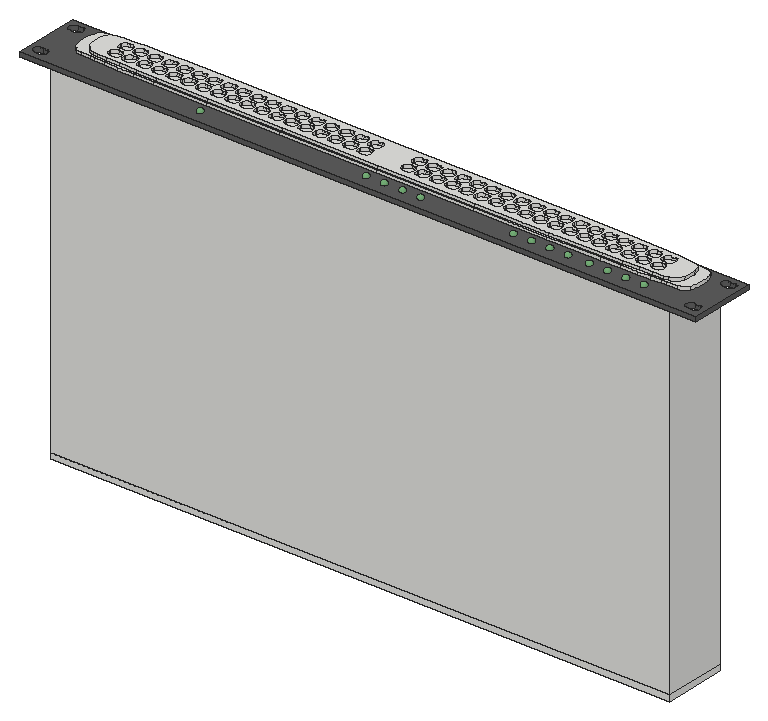
Revit family "Electronics_Expansion-Outputs_Biamp_Vocia_Output-Device_VO-4__", category Communication Devices, host Face, Revit 2020
Family settings
  Host = Face
  Maintain Annotation Orientation = No
  Round Connector Dimension = Use Diameter
  Part Type = Normal
  OmniClass Number = 23.85.10.11.14
  OmniClass Title = Audio Equipment
  Cut with Voids When Loaded = No
  Shared = No
  Room Calculation Point = No
Parameters (values of type "VO-4")
  Width = 19.00"  # constant formula
  Weight = 6.40 lbf  # constant formula
  Voltage = 0 V
  Vocia VO-4 = yes
  URL = "https://www.biamp.com/"
  Type Control Outputs = "Single Form C voltage free change over contact"  # constant formula
  Type Control Inputs = "Digital, variable threshold"  # constant formula
  Temperature Range = "23 - 104° F (-8 - 42° C)"  # constant formula
  THD+N = "<0.02%"  # constant formula
  Sample Rate = "48kHz"  # constant formula
  Product data url = "https://www.bimobject.com/biamp/product/vocia-vo-4_expansion-output"
  Product Page URL = "https://www.biamp.com/products/product-families/vocia/vocia-expansion-outputs#vocia-vo-4"
  Product Documentation Link = "https://downloads.biamp.com/assets/docs/default-source/data-sheets/biamp_data_sheet_vocia_vo-4_oct18.pdf"
  Power Factor = 1
  Number of Poles = 1
  Nominal Output Level = "-10dBu, 0dBu, +4dBu (selectable)"  # constant formula
  Network Connection = "RJ45 with shielded Ethernet (CAT5, CAT5e, CAT6, or CAT 7)"  # constant formula
  Model = "Vocia VO-4"  # constant formula
  Min Operating Load = "10µA 10mV DC"  # constant formula
  Min Input Threshold = "150mV"  # constant formula
  Maximum Output Load = "2 kohm"  # constant formula
  Maximum Output Level = "+22dBu"  # constant formula
  Maximum Load Impedance = "600 kohm"  # constant formula
  Max Switching Capacity = "37 VA"  # constant formula
  Max Power Consumption = 0 W
  Max Operating Voltage = "125V AC, 60V DC"  # constant formula
  Max Input Voltage = "12V"  # constant formula
  Max Input Threshold = "10V"  # constant formula
  Manufacturer = "Biamp"  # constant formula
  Input Impedance = "100 kohm"  # constant formula
  Humidity = "0-95% relative humidity (non-condensing)"  # constant formula
  Housing Material = Biamp - Metal - Silver
  Height = 1.75"  # constant formula
  Frequency Response = "± 1dB"  # constant formula
  Dynamic Range = ">100dB"  # constant formula
  Description = "Vocia® VO-4 Output Device"  # constant formula
  Depth = 10.00"  # constant formula
  Default Elevation = 48.00"
  Crosstalk = "> 80dB"  # constant formula
  Connector Description = "PoE 802.3af Class 3"  # constant formula
  Compliance = "FCC Part 15B (USA) ,CE marked (Europe) ,RoHS Directive (Europe)"  # constant formula
  Assembly Code = ""
  Apparent Load = Max Power Consumption / Power Factor  # 0 VA
  Altitude = "0-10,000 ft (0-3000m) MSL"  # constant formula
  A/D Converters = "24-bit"  # constant formula
Reference planes (in)
  plane 1 "Center (Front/Back)": y = 0
  plane 2: z = 0
  plane 3 "Center (Left/Right)": x = 0
  plane 4: y = 0.875
  plane 5: y = -0.875
  plane 6: x = 18.34344
  plane 7: y = 0.62447
  plane 8: y = -0.62509
Forms (in)
  Revolve 1, solid, material "Biamp - Plastic - Green", detail levels fine
    sketch origin (0.01153, 0.38531, 0.125) x (0, -1, 0) y (1, 0, 0)
      loop
        arc (0.93729, 10.52792) -> (1.01603, 10.60666) -> (0.93729, 10.6854) r 0.07874
        line (0.93729, 10.6854) -> (0.93729, 10.52792)
      loop
        arc (0.93729, 10.01607) -> (1.01603, 10.09481) -> (0.93729, 10.17355) r 0.07874
        line (0.93729, 10.17355) -> (0.93729, 10.01607)
      loop
        arc (0.93729, 9.50436) -> (1.01603, 9.5831) -> (0.93729, 9.66184) r 0.07874
        line (0.93729, 9.66184) -> (0.93729, 9.50436)
      loop
        arc (0.93729, 8.99265) -> (1.01603, 9.07139) -> (0.93729, 9.15013) r 0.07874
        line (0.93729, 9.15013) -> (0.93729, 8.99265)
      loop
        arc (0.93729, 4.33032) -> (1.01603, 4.40906) -> (0.93729, 4.4878) r 0.07874
        line (0.93729, 4.4878) -> (0.93729, 4.33032)
      loop
        arc (0.93729, 13.13354) -> (1.01603, 13.21228) -> (0.93729, 13.29102) r 0.07874
        line (0.93729, 13.29102) -> (0.93729, 13.13354)
      loop
        arc (0.93729, 13.64543) -> (1.01603, 13.72417) -> (0.93729, 13.80291) r 0.07874
        line (0.93729, 13.80291) -> (0.93729, 13.64543)
      loop
        arc (0.93729, 14.15732) -> (1.01603, 14.23606) -> (0.93729, 14.3148) r 0.07874
        line (0.93729, 14.3148) -> (0.93729, 14.15732)
      loop
        arc (0.93729, 14.66929) -> (1.01603, 14.74803) -> (0.93729, 14.82677) r 0.07874
        line (0.93729, 14.82677) -> (0.93729, 14.66929)
      loop
        arc (0.93729, 15.2688) -> (1.01603, 15.34754) -> (0.93729, 15.42628) r 0.07874
        line (0.93729, 15.42628) -> (0.93729, 15.2688)
      loop
        arc (0.93729, 15.78075) -> (1.01603, 15.85949) -> (0.93729, 15.93823) r 0.07874
        line (0.93729, 15.93823) -> (0.93729, 15.78075)
      loop
        arc (0.93729, 16.29269) -> (1.01603, 16.37143) -> (0.93729, 16.45017) r 0.07874
        line (0.93729, 16.45017) -> (0.93729, 16.29269)
      loop
        arc (0.93729, 16.80501) -> (1.01603, 16.88375) -> (0.93729, 16.96249) r 0.07874
        line (0.93729, 16.96249) -> (0.93729, 16.80501)
      axis (0.93729, 4.33032) -> (0.93729, 16.96249)
    angle from 180 to 360
Dimensions and locks (in)
  equal spacing: plane 4, plane 1 "Center (Front/Back)", plane 5
  "Height": plane 4 to plane 5
  aligned and locked: plane 2 to host face
  aligned and locked: level to host face
Automatic sketch dimensions
  host sketch curve to host sketch curve = 96.00"  (x2)
  nested 1 to Revolve 1 sketch curve = 0.06084"  (x14)
  nested 1 to Revolve 1 sketch curve = 4.67043"
  Revolve 1 sketch curve to Revolve 1 sketch curve = 0.07874"  (x13)
  Revolve 1 sketch curve to Revolve 1 sketch curve = 4.50485"
  Revolve 1 sketch curve to Revolve 1 sketch curve = 0.35423"  (x2)
  Revolve 1 sketch curve to Revolve 1 sketch curve = 0.35437"
  Revolve 1 sketch curve to Revolve 1 sketch curve = 2.44814"
  Revolve 1 sketch curve to Revolve 1 sketch curve = 0.35441"  (x2)
  Revolve 1 sketch curve to Revolve 1 sketch curve = 0.35449"
  Revolve 1 sketch curve to Revolve 1 sketch curve = 0.44204"
  Revolve 1 sketch curve to Revolve 1 sketch curve = 0.35447"
  Revolve 1 sketch curve to Revolve 1 sketch curve = 0.35446"
  Revolve 1 sketch curve to Revolve 1 sketch curve = 0.35484"
  Revolve 1 sketch curve to Revolve 1 sketch curve = 0.01835"
  Revolve 1 sketch curve to Revolve 1 sketch curve = 0.00218"
Nested families (in)
  nested 1: "VO-4" at (9.17142, -0.875, -4.875) x (1, 0, 0) z (0, 1, 0), type "VO-4"
Connectors (in)
  electrical at (16.33494, -0.29942, -9.70833), driven by "Number of Poles", driven by "Voltage", driven by "Apparent Load", driven by "Power Factor", driven by "Connector Description"
    settings: on nested 1, index 1, voltage 0 V, apparent load 0 VA, apparent load phase1 0 VA, apparent load phase2 0 VA, apparent load phase3 0 VA, power factor 1, load classification "Other", number of poles 1, system type 31, power factor state 1, is connector primary yes, connector utility no, sub classification motor no, connector description "PoE 802.3af Class 3"
  electrical at (13.19121, -0.37997, -9.70833)
    settings: on nested 1, index 2, voltage 0 V, apparent load 0 VA, apparent load phase1 0 VA, apparent load phase2 0 VA, apparent load phase3 0 VA, power factor 1, load classification "Other", number of poles 1, system type 5, power factor state 1, is connector primary no, connector utility no, sub classification motor no, connector description "Control Output 1,2"
  electrical at (11.81225, -0.37997, -9.70833)
    settings: on nested 1, index 3, voltage 0 V, apparent load 0 VA, apparent load phase1 0 VA, apparent load phase2 0 VA, apparent load phase3 0 VA, power factor 1, load classification "Other", number of poles 1, system type 5, power factor state 1, is connector primary no, connector utility no, sub classification motor no, connector description "Control Output 3,4"
  electrical at (10.15209, -0.37997, -9.70833)
    settings: on nested 1, index 4, voltage 0 V, apparent load 0 VA, apparent load phase1 0 VA, apparent load phase2 0 VA, apparent load phase3 0 VA, power factor 1, load classification "Other", number of poles 1, system type 5, power factor state 1, is connector primary no, connector utility no, sub classification motor no, connector description "Control Input (x4)"
  electrical at (7.79268, -0.37997, -9.70833)
    settings: on nested 1, index 5, voltage 0 V, apparent load 0 VA, apparent load phase1 0 VA, apparent load phase2 0 VA, apparent load phase3 0 VA, power factor 1, load classification "Other", number of poles 1, system type 5, power factor state 1, is connector primary no, connector utility no, sub classification motor no, connector description "Audio Output 1"
  electrical at (7.01471, -0.37997, -9.70833)
    settings: on nested 1, index 6, voltage 0 V, apparent load 0 VA, apparent load phase1 0 VA, apparent load phase2 0 VA, apparent load phase3 0 VA, power factor 1, load classification "Other", number of poles 1, system type 5, power factor state 1, is connector primary no, connector utility no, sub classification motor no, connector description "Audio Output 2"
  electrical at (6.23683, -0.37997, -9.70833)
    settings: on nested 1, index 7, voltage 0 V, apparent load 0 VA, apparent load phase1 0 VA, apparent load phase2 0 VA, apparent load phase3 0 VA, power factor 1, load classification "Other", number of poles 1, system type 5, power factor state 1, is connector primary no, connector utility no, sub classification motor no, connector description "Audio Output 3"
  electrical at (5.45888, -0.37997, -9.70833)
    settings: on nested 1, index 8, voltage 0 V, apparent load 0 VA, apparent load phase1 0 VA, apparent load phase2 0 VA, apparent load phase3 0 VA, power factor 1, load classification "Other", number of poles 1, system type 5, power factor state 1, is connector primary no, connector utility no, sub classification motor no, connector description "Audio Output 4"
  electrical at (17.49883, 0, -9.70833)
    settings: on nested 1, index 9, voltage 0 V, apparent load 0 VA, apparent load phase1 0 VA, apparent load phase2 0 VA, apparent load phase3 0 VA, power factor 1, load classification "Other", number of poles 1, system type 5, power factor state 1, is connector primary no, connector utility no, sub classification motor no, connector description "GND"
Definition of nested family "VO-4"
  Parameters (values of type "VO-4")
    Width1 = 19.00"
    Vocia VO-4e = no
    Vocia VO-4 = yes
    URL = ""
    Model = ""
    Material Case = none
    Manufacturer = ""
    Height1 = 1.75"
    Description = ""
    Depth1 = 10.00"
    Default Elevation = 48.00"
    Assembly Code = ""
  Reference planes (in)
    plane 1 "Center (Front/Back)": y = 0
    plane 2: z = 0
    plane 3 "Center (Left/Right)": x = 0
  Forms (in)
    Extrusion 1, solid, not visible
      sketch origin (0, 0, 0) x (1, 0, 0) y (0, 1, 0)
        loop
          line (-48, 48) -> (-48, -48) -> (48, -48) -> (48, 48) -> (-48, 48)
      from 0 to -12
    Extrusion 2, solid, detail levels medium+fine
      sketch origin (0, 0, 0) x (1, 0, 0) y (0, 1, 0)
        loop
          line (-9.5, -4.875) -> (-9.5, -5) -> (9.5, -5) -> (9.5, -4.875) -> (-9.5, -4.875)
      from -0.06582 to 1.77048
    Extrusion 3, solid, material <- "Material Case"
      sketch origin (0, 0, 0) x (1, 0, 0) y (0, 1, 0)
        loop
          line (-8.69922, -4.875) -> (8.70241, -4.875) -> (8.70241, 4.83333) -> (-8.69922, 4.83333) -> (-8.69922, -4.875)
      from 0 to 1.75
    Extrusion 4, void
      sketch origin (0, 0, 0) x (1, 0, 0) y (0, 0, 1)
        loop
          line (9.24101, 1.63341) -> (9.10302, 1.63341)
          arc (9.10302, 1.63341) -> (8.96908, 1.49947) -> (9.10302, 1.36552) r 0.13395
          line (9.10302, 1.36552) -> (9.24101, 1.36552)
          arc (9.24101, 1.36552) -> (9.37496, 1.49947) -> (9.24101, 1.63341) r 0.13395
        loop
          line (9.24101, 0.38386) -> (9.10302, 0.38386)
          arc (9.10302, 0.38386) -> (8.96908, 0.24991) -> (9.10302, 0.11597) r 0.13395
          line (9.10302, 0.11597) -> (9.24101, 0.11597)
          arc (9.24101, 0.11597) -> (9.37496, 0.24991) -> (9.24101, 0.38386) r 0.13395
        loop
          line (-9.10242, 0.38386) -> (-9.24042, 0.38386)
          arc (-9.24042, 0.38386) -> (-9.37436, 0.24991) -> (-9.24042, 0.11597) r 0.13395
          line (-9.24042, 0.11597) -> (-9.10242, 0.11597)
          arc (-9.10242, 0.11597) -> (-8.96848, 0.24991) -> (-9.10242, 0.38386) r 0.13395
        loop
          line (-9.10242, 1.63341) -> (-9.24042, 1.63341)
          arc (-9.24042, 1.63341) -> (-9.37436, 1.49947) -> (-9.24042, 1.36552) r 0.13395
          line (-9.24042, 1.36552) -> (-9.10242, 1.36552)
          arc (-9.10242, 1.36552) -> (-8.96848, 1.49947) -> (-9.10242, 1.63341) r 0.13395
      from 4.875 to 5
    Extrusion 5, solid, material <- "Material Case", detail levels medium+fine
      sketch origin (0, 0, 0) x (1, 0, 0) y (0, 0, 1)
        loop
          spline (-8.64077, 1.5063) -> (-8.65735, 1.45449) -> (-8.67111, 1.39928) -> (-8.68189, 1.34132) -> (-8.68957, 1.2813) -> (-8.69405, 1.21991) -> (-8.69529, 1.15789) -> (-8.69326, 1.09595) -> (-8.688, 1.03483) -> (-8.67956, 0.97524) -> (-8.66804, 0.91788) -> (-8.65359, 0.86344) -> (-8.63636, 0.81254)
          arc (-8.63636, 0.81254) -> (-8.53568, 0.71131) -> (-8.3997, 0.66781) r 0.30126
          line (-8.3997, 0.66781) -> (-8.09718, 0.64647) -> (-7.96202, 0.63909) -> (-7.67946, 0.629) -> (-7.31432, 0.62036) -> (-6.85355, 0.61315) -> (-6.28557, 0.6074) -> (-4.78587, 0.59874) -> (-2.72254, 0.59296) -> (0.00007, 0.59153) -> (2.72124, 0.59296) -> (4.78457, 0.59874) -> (6.28425, 0.6074) -> (6.85225, 0.61315) -> (7.31301, 0.62036) -> (7.67815, 0.629) -> (7.96073, 0.63909) -> (8.10159, 0.64678) -> (8.3997, 0.66781)
          arc (8.3997, 0.66781) -> (8.53568, 0.71131) -> (8.63636, 0.81254) r 0.30126
          spline (8.63636, 0.81254) -> (8.65359, 0.86344) -> (8.66804, 0.91788) -> (8.67956, 0.97524) -> (8.688, 1.03483) -> (8.69326, 1.09595) -> (8.69529, 1.15789) -> (8.69405, 1.21991) -> (8.68957, 1.2813) -> (8.68189, 1.34132) -> (8.67111, 1.39928) -> (8.65735, 1.45449) -> (8.64077, 1.5063)
          arc (8.64077, 1.5063) -> (8.53939, 1.61277) -> (8.3997, 1.65858) r 0.30126
          line (8.3997, 1.65858) -> (8.09857, 1.67982) -> (7.96202, 1.68728) -> (7.67946, 1.69738) -> (7.31432, 1.70603) -> (6.85355, 1.71324) -> (6.28557, 1.71901) -> (4.78587, 1.72765) -> (2.72254, 1.73341) -> (0, 1.73341) -> (-2.72254, 1.73341) -> (-4.78587, 1.72765) -> (-6.28557, 1.71901) -> (-6.85355, 1.71324) -> (-7.31432, 1.70603) -> (-7.67946, 1.69738) -> (-7.96202, 1.68728) -> (-8.09857, 1.67982) -> (-8.3997, 1.65858)
          arc (-8.3997, 1.65858) -> (-8.53939, 1.61277) -> (-8.64077, 1.5063) r 0.30126
      from 5 to 5.07874
    Extrusion 6, solid, material <- "Material Case", detail levels medium+fine
      sketch origin (0, -0.15748, 0) x (1, 0, 0) y (0, 0, 1)
        loop
          spline (-8.37154, 1.29486) -> (-8.37332, 1.26859) -> (-8.37451, 1.24218) -> (-8.37511, 1.21568) -> (-8.37511, 1.18916) -> (-8.37452, 1.16266) -> (-8.37333, 1.13625) -> (-8.37155, 1.10998) -> (-8.36918, 1.08391) -> (-8.36623, 1.05809) -> (-8.36271, 1.03258) -> (-8.35862, 1.00744) -> (-8.35396, 0.98271)
          arc (-8.35396, 0.98271) -> (-8.25757, 0.81591) -> (-8.07982, 0.74163) r 0.30126
          line (-8.07982, 0.74163) -> (-7.95889, 0.72678) -> (-7.67889, 0.69972) -> (-7.31401, 0.68698) -> (-6.85337, 0.67739) -> (-6.28549, 0.66748) -> (-4.78587, 0.64526) -> (-2.72254, 0.63949) -> (0.00007, 0.63805) -> (2.72124, 0.63949) -> (4.78457, 0.64526) -> (6.27228, 0.66588) -> (6.83902, 0.6729) -> (7.31292, 0.68465) -> (7.67104, 0.69942) -> (7.95889, 0.72678) -> (8.07982, 0.74163)
          arc (8.07982, 0.74163) -> (8.25757, 0.81591) -> (8.35396, 0.98271) r 0.30126
          spline (8.35396, 0.98271) -> (8.35862, 1.00744) -> (8.36271, 1.03258) -> (8.36623, 1.05809) -> (8.36918, 1.08391) -> (8.37155, 1.10998) -> (8.37333, 1.13625) -> (8.37452, 1.16266) -> (8.37511, 1.18916) -> (8.37511, 1.21568) -> (8.37451, 1.24218) -> (8.37332, 1.26859) -> (8.37154, 1.29486)
          arc (8.37154, 1.29486) -> (8.2982, 1.49367) -> (8.1122, 1.5952) r 0.30168
          line (8.1122, 1.5952) -> (7.92694, 1.62145) -> (7.67897, 1.63879) -> (7.32026, 1.65132) -> (6.85311, 1.66718) -> (6.28557, 1.68133) -> (4.78587, 1.68997) -> (2.72254, 1.69573) -> (0, 1.69573) -> (-2.72254, 1.69573) -> (-4.78587, 1.68997) -> (-6.28557, 1.67233) -> (-6.84373, 1.66574) -> (-7.31432, 1.65042) -> (-7.67946, 1.63496) -> (-7.92694, 1.62145) -> (-8.1122, 1.5952)
          arc (-8.1122, 1.5952) -> (-8.2982, 1.49367) -> (-8.37154, 1.29486) r 0.30168
        loop
          arc (-7.46372, 1.36914) -> (-7.50281, 1.46352) -> (-7.5972, 1.50262) r 0.13348
          line (-7.5972, 1.50262) -> (-7.68831, 1.50262)
          arc (-7.68831, 1.50262) -> (-7.78269, 1.46352) -> (-7.82179, 1.36914) r 0.13348
          line (-7.82179, 1.36914) -> (-7.82179, 1.32816)
          arc (-7.82179, 1.32816) -> (-7.78088, 1.22938) -> (-7.68211, 1.18847) r 0.13968
          line (-7.68211, 1.18847) -> (-7.6034, 1.18847)
          arc (-7.6034, 1.18847) -> (-7.50463, 1.22938) -> (-7.46372, 1.32816) r 0.13968
          line (-7.46372, 1.32816) -> (-7.46372, 1.36914)
        loop
          arc (-7.05847, 1.36914) -> (-7.09756, 1.46352) -> (-7.19195, 1.50262) r 0.13348
          line (-7.19195, 1.50262) -> (-7.28306, 1.50262)
          arc (-7.28306, 1.50262) -> (-7.37744, 1.46352) -> (-7.41654, 1.36914) r 0.13348
          line (-7.41654, 1.36914) -> (-7.41654, 1.32816)
          arc (-7.41654, 1.32816) -> (-7.37563, 1.22938) -> (-7.27685, 1.18847) r 0.13968
          line (-7.27685, 1.18847) -> (-7.19815, 1.18847)
          arc (-7.19815, 1.18847) -> (-7.09938, 1.22938) -> (-7.05847, 1.32816) r 0.13968
          line (-7.05847, 1.32816) -> (-7.05847, 1.36914)
        loop
          arc (-6.64583, 1.36914) -> (-6.68492, 1.46352) -> (-6.77931, 1.50262) r 0.13348
          line (-6.77931, 1.50262) -> (-6.87042, 1.50262)
          arc (-6.87042, 1.50262) -> (-6.96481, 1.46352) -> (-7.0039, 1.36914) r 0.13348
          line (-7.0039, 1.36914) -> (-7.0039, 1.32816)
          arc (-7.0039, 1.32816) -> (-6.96299, 1.22938) -> (-6.86422, 1.18847) r 0.13968
          line (-6.86422, 1.18847) -> (-6.78551, 1.18847)
          arc (-6.78551, 1.18847) -> (-6.68674, 1.22938) -> (-6.64583, 1.32816) r 0.13968
          line (-6.64583, 1.32816) -> (-6.64583, 1.36914)
        loop
          arc (-6.22965, 1.36914) -> (-6.26875, 1.46352) -> (-6.36313, 1.50262) r 0.13348
          line (-6.36313, 1.50262) -> (-6.45424, 1.50262)
          arc (-6.45424, 1.50262) -> (-6.54863, 1.46352) -> (-6.58773, 1.36914) r 0.13348
          line (-6.58773, 1.36914) -> (-6.58773, 1.32816)
          arc (-6.58773, 1.32816) -> (-6.54681, 1.22938) -> (-6.44804, 1.18847) r 0.13968
          line (-6.44804, 1.18847) -> (-6.36934, 1.18847)
          arc (-6.36934, 1.18847) -> (-6.27057, 1.22938) -> (-6.22965, 1.32816) r 0.13968
          line (-6.22965, 1.32816) -> (-6.22965, 1.36914)
        loop
          arc (-5.81739, 1.36914) -> (-5.85649, 1.46352) -> (-5.95088, 1.50262) r 0.13348
          line (-5.95088, 1.50262) -> (-6.04199, 1.50262)
          arc (-6.04199, 1.50262) -> (-6.13637, 1.46352) -> (-6.17547, 1.36914) r 0.13348
          line (-6.17547, 1.36914) -> (-6.17547, 1.32816)
          arc (-6.17547, 1.32816) -> (-6.13455, 1.22938) -> (-6.03578, 1.18847) r 0.13968
          line (-6.03578, 1.18847) -> (-5.95708, 1.18847)
          arc (-5.95708, 1.18847) -> (-5.85831, 1.22938) -> (-5.81739, 1.32816) r 0.13968
          line (-5.81739, 1.32816) -> (-5.81739, 1.36914)
        loop
          arc (-5.40456, 1.36914) -> (-5.44365, 1.46352) -> (-5.53804, 1.50262) r 0.13348
          line (-5.53804, 1.50262) -> (-5.62915, 1.50262)
          arc (-5.62915, 1.50262) -> (-5.72354, 1.46352) -> (-5.76263, 1.36914) r 0.13348
          line (-5.76263, 1.36914) -> (-5.76263, 1.32816)
          arc (-5.76263, 1.32816) -> (-5.72172, 1.22938) -> (-5.62295, 1.18847) r 0.13968
          line (-5.62295, 1.18847) -> (-5.54424, 1.18847)
          arc (-5.54424, 1.18847) -> (-5.44547, 1.22938) -> (-5.40456, 1.32816) r 0.13968
          line (-5.40456, 1.32816) -> (-5.40456, 1.36914)
        loop
          arc (-4.99172, 1.36914) -> (-5.03081, 1.46352) -> (-5.1252, 1.50262) r 0.13348
          line (-5.1252, 1.50262) -> (-5.21631, 1.50262)
          arc (-5.21631, 1.50262) -> (-5.31069, 1.46352) -> (-5.34979, 1.36914) r 0.13348
          line (-5.34979, 1.36914) -> (-5.34979, 1.32816)
          arc (-5.34979, 1.32816) -> (-5.30888, 1.22938) -> (-5.21011, 1.18847) r 0.13968
          line (-5.21011, 1.18847) -> (-5.1314, 1.18847)
          arc (-5.1314, 1.18847) -> (-5.03263, 1.22938) -> (-4.99172, 1.32816) r 0.13968
          line (-4.99172, 1.32816) -> (-4.99172, 1.36914)
        loop
          arc (-4.57541, 1.36914) -> (-4.61451, 1.46352) -> (-4.70889, 1.50262) r 0.13348
          line (-4.70889, 1.50262) -> (-4.8, 1.50262)
          arc (-4.8, 1.50262) -> (-4.89439, 1.46352) -> (-4.93348, 1.36914) r 0.13348
          line (-4.93348, 1.36914) -> (-4.93348, 1.32816)
          arc (-4.93348, 1.32816) -> (-4.89257, 1.22938) -> (-4.7938, 1.18847) r 0.13968
          line (-4.7938, 1.18847) -> (-4.71509, 1.18847)
          arc (-4.71509, 1.18847) -> (-4.61632, 1.22938) -> (-4.57541, 1.32816) r 0.13968
          line (-4.57541, 1.32816) -> (-4.57541, 1.36914)
        loop
          arc (-4.16257, 1.36914) -> (-4.20167, 1.46352) -> (-4.29606, 1.50262) r 0.13348
          line (-4.29606, 1.50262) -> (-4.38717, 1.50262)
          arc (-4.38717, 1.50262) -> (-4.48155, 1.46352) -> (-4.52065, 1.36914) r 0.13348
          line (-4.52065, 1.36914) -> (-4.52065, 1.32816)
          arc (-4.52065, 1.32816) -> (-4.47973, 1.22938) -> (-4.38096, 1.18847) r 0.13968
          line (-4.38096, 1.18847) -> (-4.30226, 1.18847)
          arc (-4.30226, 1.18847) -> (-4.20349, 1.22938) -> (-4.16257, 1.32816) r 0.13968
          line (-4.16257, 1.32816) -> (-4.16257, 1.36914)
        loop
          arc (-3.7532, 1.36914) -> (-3.7923, 1.46352) -> (-3.88669, 1.50262) r 0.13348
          line (-3.88669, 1.50262) -> (-3.9778, 1.50262)
          arc (-3.9778, 1.50262) -> (-4.07218, 1.46352) -> (-4.11128, 1.36914) r 0.13348
          line (-4.11128, 1.36914) -> (-4.11128, 1.32816)
          arc (-4.11128, 1.32816) -> (-4.07036, 1.22938) -> (-3.97159, 1.18847) r 0.13968
          line (-3.97159, 1.18847) -> (-3.89289, 1.18847)
          arc (-3.89289, 1.18847) -> (-3.79412, 1.22938) -> (-3.7532, 1.32816) r 0.13968
          line (-3.7532, 1.32816) -> (-3.7532, 1.36914)
        loop
          arc (-3.34036, 1.36914) -> (-3.37946, 1.46352) -> (-3.47384, 1.50262) r 0.13348
          line (-3.47384, 1.50262) -> (-3.56495, 1.50262)
          arc (-3.56495, 1.50262) -> (-3.65934, 1.46352) -> (-3.69843, 1.36914) r 0.13348
          line (-3.69843, 1.36914) -> (-3.69843, 1.32816)
          arc (-3.69843, 1.32816) -> (-3.65752, 1.22938) -> (-3.55875, 1.18847) r 0.13968
          line (-3.55875, 1.18847) -> (-3.48005, 1.18847)
          arc (-3.48005, 1.18847) -> (-3.38127, 1.22938) -> (-3.34036, 1.32816) r 0.13968
          line (-3.34036, 1.32816) -> (-3.34036, 1.36914)
        loop
          arc (-2.92405, 1.36914) -> (-2.96315, 1.46352) -> (-3.05754, 1.50262) r 0.13348
          line (-3.05754, 1.50262) -> (-3.14865, 1.50262)
          arc (-3.14865, 1.50262) -> (-3.24303, 1.46352) -> (-3.28213, 1.36914) r 0.13348
          line (-3.28213, 1.36914) -> (-3.28213, 1.32816)
          arc (-3.28213, 1.32816) -> (-3.24121, 1.22938) -> (-3.14244, 1.18847) r 0.13968
          line (-3.14244, 1.18847) -> (-3.06374, 1.18847)
          arc (-3.06374, 1.18847) -> (-2.96497, 1.22938) -> (-2.92405, 1.32816) r 0.13968
          line (-2.92405, 1.32816) -> (-2.92405, 1.36914)
        loop
          arc (-2.51122, 1.36914) -> (-2.55032, 1.46352) -> (-2.6447, 1.50262) r 0.13348
          line (-2.6447, 1.50262) -> (-2.73581, 1.50262)
          arc (-2.73581, 1.50262) -> (-2.8302, 1.46352) -> (-2.86929, 1.36914) r 0.13348
          line (-2.86929, 1.36914) -> (-2.86929, 1.32816)
          arc (-2.86929, 1.32816) -> (-2.82838, 1.22938) -> (-2.72961, 1.18847) r 0.13968
          line (-2.72961, 1.18847) -> (-2.6509, 1.18847)
          arc (-2.6509, 1.18847) -> (-2.55213, 1.22938) -> (-2.51122, 1.32816) r 0.13968
          line (-2.51122, 1.32816) -> (-2.51122, 1.36914)
        loop
          arc (-2.10165, 1.36914) -> (-2.14075, 1.46352) -> (-2.23514, 1.50262) r 0.13348
          line (-2.23514, 1.50262) -> (-2.32625, 1.50262)
          arc (-2.32625, 1.50262) -> (-2.42063, 1.46352) -> (-2.45973, 1.36914) r 0.13348
          line (-2.45973, 1.36914) -> (-2.45973, 1.32816)
          arc (-2.45973, 1.32816) -> (-2.41882, 1.22938) -> (-2.32004, 1.18847) r 0.13968
          line (-2.32004, 1.18847) -> (-2.24134, 1.18847)
          arc (-2.24134, 1.18847) -> (-2.14257, 1.22938) -> (-2.10165, 1.32816) r 0.13968
          line (-2.10165, 1.32816) -> (-2.10165, 1.36914)
        loop
          arc (-1.68901, 1.36914) -> (-1.7281, 1.46352) -> (-1.82249, 1.50262) r 0.13348
          line (-1.82249, 1.50262) -> (-1.9136, 1.50262)
          arc (-1.9136, 1.50262) -> (-2.00798, 1.46352) -> (-2.04708, 1.36914) r 0.13348
          line (-2.04708, 1.36914) -> (-2.04708, 1.32816)
          arc (-2.04708, 1.32816) -> (-2.00617, 1.22938) -> (-1.9074, 1.18847) r 0.13968
          line (-1.9074, 1.18847) -> (-1.82869, 1.18847)
          arc (-1.82869, 1.18847) -> (-1.72992, 1.22938) -> (-1.68901, 1.32816) r 0.13968
          line (-1.68901, 1.32816) -> (-1.68901, 1.36914)
        loop
          arc (-1.2727, 1.36914) -> (-1.3118, 1.46352) -> (-1.40618, 1.50262) r 0.13348
          line (-1.40618, 1.50262) -> (-1.49729, 1.50262)
          arc (-1.49729, 1.50262) -> (-1.59168, 1.46352) -> (-1.63077, 1.36914) r 0.13348
          line (-1.63077, 1.36914) -> (-1.63077, 1.32816)
          arc (-1.63077, 1.32816) -> (-1.58986, 1.22938) -> (-1.49109, 1.18847) r 0.13968
          line (-1.49109, 1.18847) -> (-1.41238, 1.18847)
          arc (-1.41238, 1.18847) -> (-1.31361, 1.22938) -> (-1.2727, 1.32816) r 0.13968
          line (-1.2727, 1.32816) -> (-1.2727, 1.36914)
        loop
          arc (-0.85986, 1.36914) -> (-0.89895, 1.46352) -> (-0.99334, 1.50262) r 0.13348
          line (-0.99334, 1.50262) -> (-1.08445, 1.50262)
          arc (-1.08445, 1.50262) -> (-1.17883, 1.46352) -> (-1.21793, 1.36914) r 0.13348
          line (-1.21793, 1.36914) -> (-1.21793, 1.32816)
          arc (-1.21793, 1.32816) -> (-1.17702, 1.22938) -> (-1.07825, 1.18847) r 0.13968
          line (-1.07825, 1.18847) -> (-0.99954, 1.18847)
          arc (-0.99954, 1.18847) -> (-0.90077, 1.22938) -> (-0.85986, 1.32816) r 0.13968
          line (-0.85986, 1.32816) -> (-0.85986, 1.36914)
        loop
          arc (-0.44355, 1.36914) -> (-0.48265, 1.46352) -> (-0.57703, 1.50262) r 0.13348
          line (-0.57703, 1.50262) -> (-0.66814, 1.50262)
          arc (-0.66814, 1.50262) -> (-0.76253, 1.46352) -> (-0.80162, 1.36914) r 0.13348
          line (-0.80162, 1.36914) -> (-0.80162, 1.32816)
          arc (-0.80162, 1.32816) -> (-0.76071, 1.22938) -> (-0.66194, 1.18847) r 0.13968
          line (-0.66194, 1.18847) -> (-0.58323, 1.18847)
          arc (-0.58323, 1.18847) -> (-0.48446, 1.22938) -> (-0.44355, 1.32816) r 0.13968
          line (-0.44355, 1.32816) -> (-0.44355, 1.36914)
        loop
          arc (0.77646, 1.36914) -> (0.73736, 1.46352) -> (0.64297, 1.50262) r 0.13348
          line (0.64297, 1.50262) -> (0.55186, 1.50262)
          arc (0.55186, 1.50262) -> (0.45748, 1.46352) -> (0.41838, 1.36914) r 0.13348
          line (0.41838, 1.36914) -> (0.41838, 1.32816)
          arc (0.41838, 1.32816) -> (0.45929, 1.22938) -> (0.55807, 1.18847) r 0.13968
          line (0.55807, 1.18847) -> (0.63677, 1.18847)
          arc (0.63677, 1.18847) -> (0.73554, 1.22938) -> (0.77646, 1.32816) r 0.13968
          line (0.77646, 1.32816) -> (0.77646, 1.36914)
        loop
          arc (1.18171, 1.36914) -> (1.14261, 1.46352) -> (1.04823, 1.50262) r 0.13348
          line (1.04823, 1.50262) -> (0.95712, 1.50262)
          arc (0.95712, 1.50262) -> (0.86273, 1.46352) -> (0.82363, 1.36914) r 0.13348
          line (0.82363, 1.36914) -> (0.82363, 1.32816)
          arc (0.82363, 1.32816) -> (0.86455, 1.22938) -> (0.96332, 1.18847) r 0.13968
          line (0.96332, 1.18847) -> (1.04202, 1.18847)
          arc (1.04202, 1.18847) -> (1.14079, 1.22938) -> (1.18171, 1.32816) r 0.13968
          line (1.18171, 1.32816) -> (1.18171, 1.36914)
        loop
          arc (1.59434, 1.36914) -> (1.55525, 1.46352) -> (1.46086, 1.50262) r 0.13348
          line (1.46086, 1.50262) -> (1.36975, 1.50262)
          arc (1.36975, 1.50262) -> (1.27537, 1.46352) -> (1.23627, 1.36914) r 0.13348
          line (1.23627, 1.36914) -> (1.23627, 1.32816)
          arc (1.23627, 1.32816) -> (1.27718, 1.22938) -> (1.37596, 1.18847) r 0.13968
          line (1.37596, 1.18847) -> (1.45466, 1.18847)
          arc (1.45466, 1.18847) -> (1.55343, 1.22938) -> (1.59434, 1.32816) r 0.13968
          line (1.59434, 1.32816) -> (1.59434, 1.36914)
        loop
          arc (2.01052, 1.36914) -> (1.97142, 1.46352) -> (1.87704, 1.50262) r 0.13348
          line (1.87704, 1.50262) -> (1.78593, 1.50262)
          arc (1.78593, 1.50262) -> (1.69154, 1.46352) -> (1.65245, 1.36914) r 0.13348
          line (1.65245, 1.36914) -> (1.65245, 1.32816)
          arc (1.65245, 1.32816) -> (1.69336, 1.22938) -> (1.79213, 1.18847) r 0.13968
          line (1.79213, 1.18847) -> (1.87083, 1.18847)
          arc (1.87083, 1.18847) -> (1.96961, 1.22938) -> (2.01052, 1.32816) r 0.13968
          line (2.01052, 1.32816) -> (2.01052, 1.36914)
        loop
          arc (2.42278, 1.36914) -> (2.38368, 1.46352) -> (2.2893, 1.50262) r 0.13348
          line (2.2893, 1.50262) -> (2.19819, 1.50262)
          arc (2.19819, 1.50262) -> (2.1038, 1.46352) -> (2.0647, 1.36914) r 0.13348
          line (2.0647, 1.36914) -> (2.0647, 1.32816)
          arc (2.0647, 1.32816) -> (2.10562, 1.22938) -> (2.20439, 1.18847) r 0.13968
          line (2.20439, 1.18847) -> (2.28309, 1.18847)
          arc (2.28309, 1.18847) -> (2.38187, 1.22938) -> (2.42278, 1.32816) r 0.13968
          line (2.42278, 1.32816) -> (2.42278, 1.36914)
        loop
          arc (2.83561, 1.36914) -> (2.79652, 1.46352) -> (2.70213, 1.50262) r 0.13348
          line (2.70213, 1.50262) -> (2.61102, 1.50262)
          arc (2.61102, 1.50262) -> (2.51664, 1.46352) -> (2.47754, 1.36914) r 0.13348
          line (2.47754, 1.36914) -> (2.47754, 1.32816)
          arc (2.47754, 1.32816) -> (2.51845, 1.22938) -> (2.61722, 1.18847) r 0.13968
          line (2.61722, 1.18847) -> (2.69593, 1.18847)
          arc (2.69593, 1.18847) -> (2.7947, 1.22938) -> (2.83561, 1.32816) r 0.13968
          line (2.83561, 1.32816) -> (2.83561, 1.36914)
        loop
          arc (3.24846, 1.36914) -> (3.20936, 1.46352) -> (3.11497, 1.50262) r 0.13348
          line (3.11497, 1.50262) -> (3.02386, 1.50262)
          arc (3.02386, 1.50262) -> (2.92948, 1.46352) -> (2.89038, 1.36914) r 0.13348
          line (2.89038, 1.36914) -> (2.89038, 1.32816)
          arc (2.89038, 1.32816) -> (2.93129, 1.22938) -> (3.03007, 1.18847) r 0.13968
          line (3.03007, 1.18847) -> (3.10877, 1.18847)
          arc (3.10877, 1.18847) -> (3.20754, 1.22938) -> (3.24846, 1.32816) r 0.13968
          line (3.24846, 1.32816) -> (3.24846, 1.36914)
        loop
          arc (3.66476, 1.36914) -> (3.62567, 1.46352) -> (3.53128, 1.50262) r 0.13348
          line (3.53128, 1.50262) -> (3.44017, 1.50262)
          arc (3.44017, 1.50262) -> (3.34579, 1.46352) -> (3.30669, 1.36914) r 0.13348
          line (3.30669, 1.36914) -> (3.30669, 1.32816)
          arc (3.30669, 1.32816) -> (3.3476, 1.22938) -> (3.44637, 1.18847) r 0.13968
          line (3.44637, 1.18847) -> (3.52508, 1.18847)
          arc (3.52508, 1.18847) -> (3.62385, 1.22938) -> (3.66476, 1.32816) r 0.13968
          line (3.66476, 1.32816) -> (3.66476, 1.36914)
        loop
          arc (4.0776, 1.36914) -> (4.0385, 1.46352) -> (3.94412, 1.50262) r 0.13348
          line (3.94412, 1.50262) -> (3.85301, 1.50262)
          arc (3.85301, 1.50262) -> (3.75862, 1.46352) -> (3.71952, 1.36914) r 0.13348
          line (3.71952, 1.36914) -> (3.71952, 1.32816)
          arc (3.71952, 1.32816) -> (3.76044, 1.22938) -> (3.85921, 1.18847) r 0.13968
          line (3.85921, 1.18847) -> (3.93791, 1.18847)
          arc (3.93791, 1.18847) -> (4.03669, 1.22938) -> (4.0776, 1.32816) r 0.13968
          line (4.0776, 1.32816) -> (4.0776, 1.36914)
        loop
          arc (4.48697, 1.36914) -> (4.44787, 1.46352) -> (4.35349, 1.50262) r 0.13348
          line (4.35349, 1.50262) -> (4.26238, 1.50262)
          arc (4.26238, 1.50262) -> (4.16799, 1.46352) -> (4.12889, 1.36914) r 0.13348
          line (4.12889, 1.36914) -> (4.12889, 1.32816)
          arc (4.12889, 1.32816) -> (4.16981, 1.22938) -> (4.26858, 1.18847) r 0.13968
          line (4.26858, 1.18847) -> (4.34728, 1.18847)
          arc (4.34728, 1.18847) -> (4.44606, 1.22938) -> (4.48697, 1.32816) r 0.13968
          line (4.48697, 1.32816) -> (4.48697, 1.36914)
        loop
          arc (4.89981, 1.36914) -> (4.86071, 1.46352) -> (4.76633, 1.50262) r 0.13348
          line (4.76633, 1.50262) -> (4.67522, 1.50262)
          arc (4.67522, 1.50262) -> (4.58083, 1.46352) -> (4.54174, 1.36914) r 0.13348
          line (4.54174, 1.36914) -> (4.54174, 1.32816)
          arc (4.54174, 1.32816) -> (4.58265, 1.22938) -> (4.68142, 1.18847) r 0.13968
          line (4.68142, 1.18847) -> (4.76013, 1.18847)
          arc (4.76013, 1.18847) -> (4.8589, 1.22938) -> (4.89981, 1.32816) r 0.13968
          line (4.89981, 1.32816) -> (4.89981, 1.36914)
        loop
          arc (5.31612, 1.36914) -> (5.27702, 1.46352) -> (5.18264, 1.50262) r 0.13348
          line (5.18264, 1.50262) -> (5.09153, 1.50262)
          arc (5.09153, 1.50262) -> (4.99714, 1.46352) -> (4.95804, 1.36914) r 0.13348
          line (4.95804, 1.36914) -> (4.95804, 1.32816)
          arc (4.95804, 1.32816) -> (4.99896, 1.22938) -> (5.09773, 1.18847) r 0.13968
          line (5.09773, 1.18847) -> (5.17643, 1.18847)
          arc (5.17643, 1.18847) -> (5.2752, 1.22938) -> (5.31612, 1.32816) r 0.13968
          line (5.31612, 1.32816) -> (5.31612, 1.36914)
        loop
          arc (5.72895, 1.36914) -> (5.68986, 1.46352) -> (5.59547, 1.50262) r 0.13348
          line (5.59547, 1.50262) -> (5.50436, 1.50262)
          arc (5.50436, 1.50262) -> (5.40998, 1.46352) -> (5.37088, 1.36914) r 0.13348
          line (5.37088, 1.36914) -> (5.37088, 1.32816)
          arc (5.37088, 1.32816) -> (5.41179, 1.22938) -> (5.51056, 1.18847) r 0.13968
          line (5.51056, 1.18847) -> (5.58927, 1.18847)
          arc (5.58927, 1.18847) -> (5.68804, 1.22938) -> (5.72895, 1.32816) r 0.13968
          line (5.72895, 1.32816) -> (5.72895, 1.36914)
        loop
          arc (6.13852, 1.36914) -> (6.09942, 1.46352) -> (6.00504, 1.50262) r 0.13348
          line (6.00504, 1.50262) -> (5.91393, 1.50262)
          arc (5.91393, 1.50262) -> (5.81954, 1.46352) -> (5.78044, 1.36914) r 0.13348
          line (5.78044, 1.36914) -> (5.78044, 1.32816)
          arc (5.78044, 1.32816) -> (5.82136, 1.22938) -> (5.92013, 1.18847) r 0.13968
          line (5.92013, 1.18847) -> (5.99883, 1.18847)
          arc (5.99883, 1.18847) -> (6.0976, 1.22938) -> (6.13852, 1.32816) r 0.13968
          line (6.13852, 1.32816) -> (6.13852, 1.36914)
        loop
          arc (6.55116, 1.36914) -> (6.51207, 1.46352) -> (6.41768, 1.50262) r 0.13348
          line (6.41768, 1.50262) -> (6.32657, 1.50262)
          arc (6.32657, 1.50262) -> (6.23219, 1.46352) -> (6.19309, 1.36914) r 0.13348
          line (6.19309, 1.36914) -> (6.19309, 1.32816)
          arc (6.19309, 1.32816) -> (6.234, 1.22938) -> (6.33278, 1.18847) r 0.13968
          line (6.33278, 1.18847) -> (6.41148, 1.18847)
          arc (6.41148, 1.18847) -> (6.51025, 1.22938) -> (6.55116, 1.32816) r 0.13968
          line (6.55116, 1.32816) -> (6.55116, 1.36914)
        loop
          arc (6.96747, 1.36914) -> (6.92838, 1.46352) -> (6.83399, 1.50262) r 0.13348
          line (6.83399, 1.50262) -> (6.74288, 1.50262)
          arc (6.74288, 1.50262) -> (6.64849, 1.46352) -> (6.6094, 1.36914) r 0.13348
          line (6.6094, 1.36914) -> (6.6094, 1.32816)
          arc (6.6094, 1.32816) -> (6.65031, 1.22938) -> (6.74908, 1.18847) r 0.13968
          line (6.74908, 1.18847) -> (6.82779, 1.18847)
          arc (6.82779, 1.18847) -> (6.92656, 1.22938) -> (6.96747, 1.32816) r 0.13968
          line (6.96747, 1.32816) -> (6.96747, 1.36914)
        loop
          arc (7.38031, 1.36914) -> (7.34122, 1.46352) -> (7.24683, 1.50262) r 0.13348
          line (7.24683, 1.50262) -> (7.15572, 1.50262)
          arc (7.15572, 1.50262) -> (7.06134, 1.46352) -> (7.02224, 1.36914) r 0.13348
          line (7.02224, 1.36914) -> (7.02224, 1.32816)
          arc (7.02224, 1.32816) -> (7.06315, 1.22938) -> (7.16193, 1.18847) r 0.13968
          line (7.16193, 1.18847) -> (7.24063, 1.18847)
          arc (7.24063, 1.18847) -> (7.3394, 1.22938) -> (7.38031, 1.32816) r 0.13968
          line (7.38031, 1.32816) -> (7.38031, 1.36914)
        loop
          arc (7.79662, 1.36914) -> (7.75753, 1.46352) -> (7.66314, 1.50262) r 0.13348
          line (7.66314, 1.50262) -> (7.57203, 1.50262)
          arc (7.57203, 1.50262) -> (7.47764, 1.46352) -> (7.43855, 1.36914) r 0.13348
          line (7.43855, 1.36914) -> (7.43855, 1.32816)
          arc (7.43855, 1.32816) -> (7.47946, 1.22938) -> (7.57823, 1.18847) r 0.13968
          line (7.57823, 1.18847) -> (7.65694, 1.18847)
          arc (7.65694, 1.18847) -> (7.75571, 1.22938) -> (7.79662, 1.32816) r 0.13968
          line (7.79662, 1.32816) -> (7.79662, 1.36914)
        loop
          arc (-7.68831, 1.12693) -> (-7.78269, 1.08784) -> (-7.82179, 0.99345) r 0.13348
          line (-7.82179, 0.99345) -> (-7.82179, 0.95247)
          arc (-7.82179, 0.95247) -> (-7.78088, 0.8537) -> (-7.68211, 0.81278) r 0.13968
          line (-7.68211, 0.81278) -> (-7.6034, 0.81278)
          arc (-7.6034, 0.81278) -> (-7.50463, 0.8537) -> (-7.46372, 0.95247) r 0.13968
          line (-7.46372, 0.95247) -> (-7.46372, 0.99345)
          arc (-7.46372, 0.99345) -> (-7.50281, 1.08784) -> (-7.5972, 1.12693) r 0.13348
          line (-7.5972, 1.12693) -> (-7.68831, 1.12693)
        loop
          arc (-7.28306, 1.12693) -> (-7.37744, 1.08784) -> (-7.41654, 0.99345) r 0.13348
          line (-7.41654, 0.99345) -> (-7.41654, 0.95247)
          arc (-7.41654, 0.95247) -> (-7.37563, 0.8537) -> (-7.27685, 0.81278) r 0.13968
          line (-7.27685, 0.81278) -> (-7.19815, 0.81278)
          arc (-7.19815, 0.81278) -> (-7.09938, 0.8537) -> (-7.05847, 0.95247) r 0.13968
          line (-7.05847, 0.95247) -> (-7.05847, 0.99345)
          arc (-7.05847, 0.99345) -> (-7.09756, 1.08784) -> (-7.19195, 1.12693) r 0.13348
          line (-7.19195, 1.12693) -> (-7.28306, 1.12693)
        loop
          arc (-6.87042, 1.12693) -> (-6.96481, 1.08784) -> (-7.0039, 0.99345) r 0.13348
          line (-7.0039, 0.99345) -> (-7.0039, 0.95247)
          arc (-7.0039, 0.95247) -> (-6.96299, 0.8537) -> (-6.86422, 0.81278) r 0.13968
          line (-6.86422, 0.81278) -> (-6.78551, 0.81278)
          arc (-6.78551, 0.81278) -> (-6.68674, 0.8537) -> (-6.64583, 0.95247) r 0.13968
          line (-6.64583, 0.95247) -> (-6.64583, 0.99345)
          arc (-6.64583, 0.99345) -> (-6.68492, 1.08784) -> (-6.77931, 1.12693) r 0.13348
          line (-6.77931, 1.12693) -> (-6.87042, 1.12693)
        loop
          arc (-6.45424, 1.12693) -> (-6.54863, 1.08784) -> (-6.58773, 0.99345) r 0.13348
          line (-6.58773, 0.99345) -> (-6.58773, 0.95247)
          arc (-6.58773, 0.95247) -> (-6.54681, 0.8537) -> (-6.44804, 0.81278) r 0.13968
          line (-6.44804, 0.81278) -> (-6.36934, 0.81278)
          arc (-6.36934, 0.81278) -> (-6.27057, 0.8537) -> (-6.22965, 0.95247) r 0.13968
          line (-6.22965, 0.95247) -> (-6.22965, 0.99345)
          arc (-6.22965, 0.99345) -> (-6.26875, 1.08784) -> (-6.36313, 1.12693) r 0.13348
          line (-6.36313, 1.12693) -> (-6.45424, 1.12693)
        loop
          arc (-6.04199, 1.12693) -> (-6.13637, 1.08784) -> (-6.17547, 0.99345) r 0.13348
          line (-6.17547, 0.99345) -> (-6.17547, 0.95247)
          arc (-6.17547, 0.95247) -> (-6.13455, 0.8537) -> (-6.03578, 0.81278) r 0.13968
          line (-6.03578, 0.81278) -> (-5.95708, 0.81278)
          arc (-5.95708, 0.81278) -> (-5.85831, 0.8537) -> (-5.81739, 0.95247) r 0.13968
          line (-5.81739, 0.95247) -> (-5.81739, 0.99345)
          arc (-5.81739, 0.99345) -> (-5.85649, 1.08784) -> (-5.95088, 1.12693) r 0.13348
          line (-5.95088, 1.12693) -> (-6.04199, 1.12693)
        loop
          arc (-5.62915, 1.12693) -> (-5.72354, 1.08784) -> (-5.76263, 0.99345) r 0.13348
          line (-5.76263, 0.99345) -> (-5.76263, 0.95247)
          arc (-5.76263, 0.95247) -> (-5.72172, 0.8537) -> (-5.62295, 0.81278) r 0.13968
          line (-5.62295, 0.81278) -> (-5.54424, 0.81278)
          arc (-5.54424, 0.81278) -> (-5.44547, 0.8537) -> (-5.40456, 0.95247) r 0.13968
          line (-5.40456, 0.95247) -> (-5.40456, 0.99345)
          arc (-5.40456, 0.99345) -> (-5.44365, 1.08784) -> (-5.53804, 1.12693) r 0.13348
          line (-5.53804, 1.12693) -> (-5.62915, 1.12693)
        loop
          arc (-5.21631, 1.12693) -> (-5.31069, 1.08784) -> (-5.34979, 0.99345) r 0.13348
          line (-5.34979, 0.99345) -> (-5.34979, 0.95247)
          arc (-5.34979, 0.95247) -> (-5.30888, 0.8537) -> (-5.21011, 0.81278) r 0.13968
          line (-5.21011, 0.81278) -> (-5.1314, 0.81278)
          arc (-5.1314, 0.81278) -> (-5.03263, 0.8537) -> (-4.99172, 0.95247) r 0.13968
          line (-4.99172, 0.95247) -> (-4.99172, 0.99345)
          arc (-4.99172, 0.99345) -> (-5.03081, 1.08784) -> (-5.1252, 1.12693) r 0.13348
          line (-5.1252, 1.12693) -> (-5.21631, 1.12693)
        loop
          arc (-4.8, 1.12693) -> (-4.89439, 1.08784) -> (-4.93348, 0.99345) r 0.13348
          line (-4.93348, 0.99345) -> (-4.93348, 0.95247)
          arc (-4.93348, 0.95247) -> (-4.89257, 0.8537) -> (-4.7938, 0.81278) r 0.13968
          line (-4.7938, 0.81278) -> (-4.71509, 0.81278)
          arc (-4.71509, 0.81278) -> (-4.61632, 0.8537) -> (-4.57541, 0.95247) r 0.13968
          line (-4.57541, 0.95247) -> (-4.57541, 0.99345)
          arc (-4.57541, 0.99345) -> (-4.61451, 1.08784) -> (-4.70889, 1.12693) r 0.13348
          line (-4.70889, 1.12693) -> (-4.8, 1.12693)
        loop
          arc (-4.38717, 1.12693) -> (-4.48155, 1.08784) -> (-4.52065, 0.99345) r 0.13348
          line (-4.52065, 0.99345) -> (-4.52065, 0.95247)
          arc (-4.52065, 0.95247) -> (-4.47973, 0.8537) -> (-4.38096, 0.81278) r 0.13968
          line (-4.38096, 0.81278) -> (-4.30226, 0.81278)
          arc (-4.30226, 0.81278) -> (-4.20349, 0.8537) -> (-4.16257, 0.95247) r 0.13968
          line (-4.16257, 0.95247) -> (-4.16257, 0.99345)
          arc (-4.16257, 0.99345) -> (-4.20167, 1.08784) -> (-4.29606, 1.12693) r 0.13348
          line (-4.29606, 1.12693) -> (-4.38717, 1.12693)
        loop
          arc (-3.9778, 1.12693) -> (-4.07218, 1.08784) -> (-4.11128, 0.99345) r 0.13348
          line (-4.11128, 0.99345) -> (-4.11128, 0.95247)
          arc (-4.11128, 0.95247) -> (-4.07036, 0.8537) -> (-3.97159, 0.81278) r 0.13968
          line (-3.97159, 0.81278) -> (-3.89289, 0.81278)
          arc (-3.89289, 0.81278) -> (-3.79412, 0.8537) -> (-3.7532, 0.95247) r 0.13968
          line (-3.7532, 0.95247) -> (-3.7532, 0.99345)
          arc (-3.7532, 0.99345) -> (-3.7923, 1.08784) -> (-3.88669, 1.12693) r 0.13348
          line (-3.88669, 1.12693) -> (-3.9778, 1.12693)
        loop
          arc (-3.56495, 1.12693) -> (-3.65934, 1.08784) -> (-3.69843, 0.99345) r 0.13348
          line (-3.69843, 0.99345) -> (-3.69843, 0.95247)
          arc (-3.69843, 0.95247) -> (-3.65752, 0.8537) -> (-3.55875, 0.81278) r 0.13968
          line (-3.55875, 0.81278) -> (-3.48005, 0.81278)
          arc (-3.48005, 0.81278) -> (-3.38127, 0.8537) -> (-3.34036, 0.95247) r 0.13968
          line (-3.34036, 0.95247) -> (-3.34036, 0.99345)
          arc (-3.34036, 0.99345) -> (-3.37946, 1.08784) -> (-3.47384, 1.12693) r 0.13348
          line (-3.47384, 1.12693) -> (-3.56495, 1.12693)
        loop
          arc (-3.14865, 1.12693) -> (-3.24303, 1.08784) -> (-3.28213, 0.99345) r 0.13348
          line (-3.28213, 0.99345) -> (-3.28213, 0.95247)
          arc (-3.28213, 0.95247) -> (-3.24121, 0.8537) -> (-3.14244, 0.81278) r 0.13968
          line (-3.14244, 0.81278) -> (-3.06374, 0.81278)
          arc (-3.06374, 0.81278) -> (-2.96497, 0.8537) -> (-2.92405, 0.95247) r 0.13968
          line (-2.92405, 0.95247) -> (-2.92405, 0.99345)
          arc (-2.92405, 0.99345) -> (-2.96315, 1.08784) -> (-3.05754, 1.12693) r 0.13348
          line (-3.05754, 1.12693) -> (-3.14865, 1.12693)
        loop
          arc (-2.73581, 1.12693) -> (-2.8302, 1.08784) -> (-2.86929, 0.99345) r 0.13348
          line (-2.86929, 0.99345) -> (-2.86929, 0.95247)
          arc (-2.86929, 0.95247) -> (-2.82838, 0.8537) -> (-2.72961, 0.81278) r 0.13968
          line (-2.72961, 0.81278) -> (-2.6509, 0.81278)
          arc (-2.6509, 0.81278) -> (-2.55213, 0.8537) -> (-2.51122, 0.95247) r 0.13968
          line (-2.51122, 0.95247) -> (-2.51122, 0.99345)
          arc (-2.51122, 0.99345) -> (-2.55032, 1.08784) -> (-2.6447, 1.12693) r 0.13348
          line (-2.6447, 1.12693) -> (-2.73581, 1.12693)
        loop
          arc (-2.32625, 1.12693) -> (-2.42063, 1.08784) -> (-2.45973, 0.99345) r 0.13348
          line (-2.45973, 0.99345) -> (-2.45973, 0.95247)
          arc (-2.45973, 0.95247) -> (-2.41882, 0.8537) -> (-2.32004, 0.81278) r 0.13968
          line (-2.32004, 0.81278) -> (-2.24134, 0.81278)
          arc (-2.24134, 0.81278) -> (-2.14257, 0.8537) -> (-2.10165, 0.95247) r 0.13968
          line (-2.10165, 0.95247) -> (-2.10165, 0.99345)
          arc (-2.10165, 0.99345) -> (-2.14075, 1.08784) -> (-2.23514, 1.12693) r 0.13348
          line (-2.23514, 1.12693) -> (-2.32625, 1.12693)
        loop
          arc (-1.9136, 1.12693) -> (-2.00798, 1.08784) -> (-2.04708, 0.99345) r 0.13348
          line (-2.04708, 0.99345) -> (-2.04708, 0.95247)
          arc (-2.04708, 0.95247) -> (-2.00617, 0.8537) -> (-1.9074, 0.81278) r 0.13968
          line (-1.9074, 0.81278) -> (-1.82869, 0.81278)
          arc (-1.82869, 0.81278) -> (-1.72992, 0.8537) -> (-1.68901, 0.95247) r 0.13968
          line (-1.68901, 0.95247) -> (-1.68901, 0.99345)
          arc (-1.68901, 0.99345) -> (-1.7281, 1.08784) -> (-1.82249, 1.12693) r 0.13348
          line (-1.82249, 1.12693) -> (-1.9136, 1.12693)
        loop
          arc (-1.49729, 1.12693) -> (-1.59168, 1.08784) -> (-1.63077, 0.99345) r 0.13348
          line (-1.63077, 0.99345) -> (-1.63077, 0.95247)
          arc (-1.63077, 0.95247) -> (-1.58986, 0.8537) -> (-1.49109, 0.81278) r 0.13968
          line (-1.49109, 0.81278) -> (-1.41238, 0.81278)
          arc (-1.41238, 0.81278) -> (-1.31361, 0.8537) -> (-1.2727, 0.95247) r 0.13968
          line (-1.2727, 0.95247) -> (-1.2727, 0.99345)
          arc (-1.2727, 0.99345) -> (-1.3118, 1.08784) -> (-1.40618, 1.12693) r 0.13348
          line (-1.40618, 1.12693) -> (-1.49729, 1.12693)
        loop
          arc (-1.08445, 1.12693) -> (-1.17883, 1.08784) -> (-1.21793, 0.99345) r 0.13348
          line (-1.21793, 0.99345) -> (-1.21793, 0.95247)
          arc (-1.21793, 0.95247) -> (-1.17702, 0.8537) -> (-1.07825, 0.81278) r 0.13968
          line (-1.07825, 0.81278) -> (-0.99954, 0.81278)
          arc (-0.99954, 0.81278) -> (-0.90077, 0.8537) -> (-0.85986, 0.95247) r 0.13968
          line (-0.85986, 0.95247) -> (-0.85986, 0.99345)
          arc (-0.85986, 0.99345) -> (-0.89895, 1.08784) -> (-0.99334, 1.12693) r 0.13348
          line (-0.99334, 1.12693) -> (-1.08445, 1.12693)
        loop
          arc (-0.66814, 1.12693) -> (-0.76253, 1.08784) -> (-0.80162, 0.99345) r 0.13348
          line (-0.80162, 0.99345) -> (-0.80162, 0.95247)
          arc (-0.80162, 0.95247) -> (-0.76071, 0.8537) -> (-0.66194, 0.81278) r 0.13968
          line (-0.66194, 0.81278) -> (-0.58323, 0.81278)
          arc (-0.58323, 0.81278) -> (-0.48446, 0.8537) -> (-0.44355, 0.95247) r 0.13968
          line (-0.44355, 0.95247) -> (-0.44355, 0.99345)
          arc (-0.44355, 0.99345) -> (-0.48265, 1.08784) -> (-0.57703, 1.12693) r 0.13348
          line (-0.57703, 1.12693) -> (-0.66814, 1.12693)
        loop
          arc (0.55186, 1.12693) -> (0.45748, 1.08784) -> (0.41838, 0.99345) r 0.13348
          line (0.41838, 0.99345) -> (0.41838, 0.95247)
          arc (0.41838, 0.95247) -> (0.45929, 0.8537) -> (0.55807, 0.81278) r 0.13968
          line (0.55807, 0.81278) -> (0.63677, 0.81278)
          arc (0.63677, 0.81278) -> (0.73554, 0.8537) -> (0.77646, 0.95247) r 0.13968
          line (0.77646, 0.95247) -> (0.77646, 0.99345)
          arc (0.77646, 0.99345) -> (0.73736, 1.08784) -> (0.64297, 1.12693) r 0.13348
          line (0.64297, 1.12693) -> (0.55186, 1.12693)
        loop
          arc (0.95712, 1.12693) -> (0.86273, 1.08784) -> (0.82363, 0.99345) r 0.13348
          line (0.82363, 0.99345) -> (0.82363, 0.95247)
          arc (0.82363, 0.95247) -> (0.86455, 0.8537) -> (0.96332, 0.81278) r 0.13968
          line (0.96332, 0.81278) -> (1.04202, 0.81278)
          arc (1.04202, 0.81278) -> (1.14079, 0.8537) -> (1.18171, 0.95247) r 0.13968
          line (1.18171, 0.95247) -> (1.18171, 0.99345)
          arc (1.18171, 0.99345) -> (1.14261, 1.08784) -> (1.04823, 1.12693) r 0.13348
          line (1.04823, 1.12693) -> (0.95712, 1.12693)
        loop
          arc (1.36975, 1.12693) -> (1.27537, 1.08784) -> (1.23627, 0.99345) r 0.13348
          line (1.23627, 0.99345) -> (1.23627, 0.95247)
          arc (1.23627, 0.95247) -> (1.27718, 0.8537) -> (1.37596, 0.81278) r 0.13968
          line (1.37596, 0.81278) -> (1.45466, 0.81278)
          arc (1.45466, 0.81278) -> (1.55343, 0.8537) -> (1.59434, 0.95247) r 0.13968
          line (1.59434, 0.95247) -> (1.59434, 0.99345)
          arc (1.59434, 0.99345) -> (1.55525, 1.08784) -> (1.46086, 1.12693) r 0.13348
          line (1.46086, 1.12693) -> (1.36975, 1.12693)
        loop
          arc (1.78593, 1.12693) -> (1.69154, 1.08784) -> (1.65245, 0.99345) r 0.13348
          line (1.65245, 0.99345) -> (1.65245, 0.95247)
          arc (1.65245, 0.95247) -> (1.69336, 0.8537) -> (1.79213, 0.81278) r 0.13968
          line (1.79213, 0.81278) -> (1.87083, 0.81278)
          arc (1.87083, 0.81278) -> (1.96961, 0.8537) -> (2.01052, 0.95247) r 0.13968
          line (2.01052, 0.95247) -> (2.01052, 0.99345)
          arc (2.01052, 0.99345) -> (1.97142, 1.08784) -> (1.87704, 1.12693) r 0.13348
          line (1.87704, 1.12693) -> (1.78593, 1.12693)
        loop
          arc (2.19819, 1.12693) -> (2.1038, 1.08784) -> (2.0647, 0.99345) r 0.13348
          line (2.0647, 0.99345) -> (2.0647, 0.95247)
          arc (2.0647, 0.95247) -> (2.10562, 0.8537) -> (2.20439, 0.81278) r 0.13968
          line (2.20439, 0.81278) -> (2.28309, 0.81278)
          arc (2.28309, 0.81278) -> (2.38187, 0.8537) -> (2.42278, 0.95247) r 0.13968
          line (2.42278, 0.95247) -> (2.42278, 0.99345)
          arc (2.42278, 0.99345) -> (2.38368, 1.08784) -> (2.2893, 1.12693) r 0.13348
          line (2.2893, 1.12693) -> (2.19819, 1.12693)
        loop
          arc (2.61102, 1.12693) -> (2.51664, 1.08784) -> (2.47754, 0.99345) r 0.13348
          line (2.47754, 0.99345) -> (2.47754, 0.95247)
          arc (2.47754, 0.95247) -> (2.51845, 0.8537) -> (2.61722, 0.81278) r 0.13968
          line (2.61722, 0.81278) -> (2.69593, 0.81278)
          arc (2.69593, 0.81278) -> (2.7947, 0.8537) -> (2.83561, 0.95247) r 0.13968
          line (2.83561, 0.95247) -> (2.83561, 0.99345)
          arc (2.83561, 0.99345) -> (2.79652, 1.08784) -> (2.70213, 1.12693) r 0.13348
          line (2.70213, 1.12693) -> (2.61102, 1.12693)
        loop
          arc (3.02386, 1.12693) -> (2.92948, 1.08784) -> (2.89038, 0.99345) r 0.13348
          line (2.89038, 0.99345) -> (2.89038, 0.95247)
          arc (2.89038, 0.95247) -> (2.93129, 0.8537) -> (3.03007, 0.81278) r 0.13968
          line (3.03007, 0.81278) -> (3.10877, 0.81278)
          arc (3.10877, 0.81278) -> (3.20754, 0.8537) -> (3.24846, 0.95247) r 0.13968
          line (3.24846, 0.95247) -> (3.24846, 0.99345)
          arc (3.24846, 0.99345) -> (3.20936, 1.08784) -> (3.11497, 1.12693) r 0.13348
          line (3.11497, 1.12693) -> (3.02386, 1.12693)
        loop
          arc (3.44017, 1.12693) -> (3.34579, 1.08784) -> (3.30669, 0.99345) r 0.13348
          line (3.30669, 0.99345) -> (3.30669, 0.95247)
          arc (3.30669, 0.95247) -> (3.3476, 0.8537) -> (3.44637, 0.81278) r 0.13968
          line (3.44637, 0.81278) -> (3.52508, 0.81278)
          arc (3.52508, 0.81278) -> (3.62385, 0.8537) -> (3.66476, 0.95247) r 0.13968
          line (3.66476, 0.95247) -> (3.66476, 0.99345)
          arc (3.66476, 0.99345) -> (3.62567, 1.08784) -> (3.53128, 1.12693) r 0.13348
          line (3.53128, 1.12693) -> (3.44017, 1.12693)
        loop
          arc (3.85301, 1.12693) -> (3.75862, 1.08784) -> (3.71952, 0.99345) r 0.13348
          line (3.71952, 0.99345) -> (3.71952, 0.95247)
          arc (3.71952, 0.95247) -> (3.76044, 0.8537) -> (3.85921, 0.81278) r 0.13968
          line (3.85921, 0.81278) -> (3.93791, 0.81278)
          arc (3.93791, 0.81278) -> (4.03669, 0.8537) -> (4.0776, 0.95247) r 0.13968
          line (4.0776, 0.95247) -> (4.0776, 0.99345)
          arc (4.0776, 0.99345) -> (4.0385, 1.08784) -> (3.94412, 1.12693) r 0.13348
          line (3.94412, 1.12693) -> (3.85301, 1.12693)
        loop
          arc (4.26238, 1.12693) -> (4.16799, 1.08784) -> (4.12889, 0.99345) r 0.13348
          line (4.12889, 0.99345) -> (4.12889, 0.95247)
          arc (4.12889, 0.95247) -> (4.16981, 0.8537) -> (4.26858, 0.81278) r 0.13968
          line (4.26858, 0.81278) -> (4.34728, 0.81278)
          arc (4.34728, 0.81278) -> (4.44606, 0.8537) -> (4.48697, 0.95247) r 0.13968
          line (4.48697, 0.95247) -> (4.48697, 0.99345)
          arc (4.48697, 0.99345) -> (4.44787, 1.08784) -> (4.35349, 1.12693) r 0.13348
          line (4.35349, 1.12693) -> (4.26238, 1.12693)
        loop
          arc (4.67522, 1.12693) -> (4.58083, 1.08784) -> (4.54174, 0.99345) r 0.13348
          line (4.54174, 0.99345) -> (4.54174, 0.95247)
          arc (4.54174, 0.95247) -> (4.58265, 0.8537) -> (4.68142, 0.81278) r 0.13968
          line (4.68142, 0.81278) -> (4.76013, 0.81278)
          arc (4.76013, 0.81278) -> (4.8589, 0.8537) -> (4.89981, 0.95247) r 0.13968
          line (4.89981, 0.95247) -> (4.89981, 0.99345)
          arc (4.89981, 0.99345) -> (4.86071, 1.08784) -> (4.76633, 1.12693) r 0.13348
          line (4.76633, 1.12693) -> (4.67522, 1.12693)
        loop
          arc (5.09153, 1.12693) -> (4.99714, 1.08784) -> (4.95804, 0.99345) r 0.13348
          line (4.95804, 0.99345) -> (4.95804, 0.95247)
          arc (4.95804, 0.95247) -> (4.99896, 0.8537) -> (5.09773, 0.81278) r 0.13968
          line (5.09773, 0.81278) -> (5.17643, 0.81278)
          arc (5.17643, 0.81278) -> (5.2752, 0.8537) -> (5.31612, 0.95247) r 0.13968
          line (5.31612, 0.95247) -> (5.31612, 0.99345)
